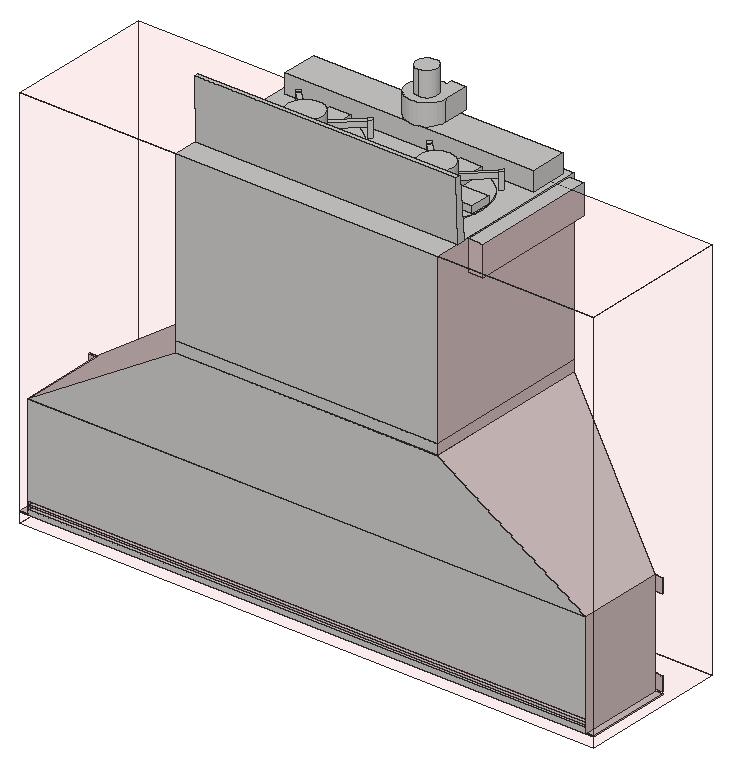
Revit family "Air-Curtain_Climate-Control_PoweredAire_TIG-1Heater", category Mechanical Equipment, host Face, Revit 2018
Family settings
  Host = Face
  Round Connector Dimension = Use Diameter
  Part Type = Normal
  OmniClass Number = 23.75.35.17.21
  OmniClass Title = Air Curtains
  Cut with Voids When Loaded = No
  Shared = No
  Room Calculation Point = No
Parameters (values of type "108'' Nozzle")
  upperrotation [instance] = 0.00°
  lowerrotation [instance] = 0.00°
  locateupperpipe [instance] = 0' - 0"
  locatelowerpipe [instance] = 0' - 0"
  Warranty Duration (Years) = 0
  Unit Width Notes = "Other Widths available."  # constant formula
  Unit Width = 9' - 3 5/32"
  Unit Weight = 640
  Unit Height = 1' - 4 3/4"
  Unit Depth = 1' - 8 1/4"
  URL = "http://www.poweredaire.com/"
  Test Data = ""
  Standards Conformance = "ETL  ;  Made in USA"
  Specification = "http://www.arcat.com/sdspecs/htm04/23_34_33pai.htm"
  SpecWizard = ""
  Sound Pressure = ">63 dBA"
  Sales Information = "http://www.poweredaire.com/contact_us"
  Revision = "R1_2016-08"
  Projection from Host [instance] = 0' - 2"
  Product Properties = ""
  Product Data = "http://www.arcat.com/arcatcos/cos47/arc47623.html"
  Power Rating = 0 W
  Piping_Water Flow [instance] = 0 GPM
  Piping_Operating Pressure [instance] = 0.00 psi
  Piping_Exit Temperature [instance] = 0 °F
  Piping_Entry Temperature [instance] = 0 °F
  Pipe OD [instance] = 5/8"
  Overall Depth = 6' - 0 3/4"
  Nozzle Width = if(1 = 1, Unit Width - 0' 3", 0' 0")  # 9' - 0 5/32"
  Mounting Width = if(1 = 1, Unit Width - 0' 1 1/2", 0' 0")  # 9' - 1 21/32"
  Mounting Height [instance] = 3' - 6"
  Motor RPM = 1630
  Motor HP = 0.75
  Motor Count = 3
  Model = "TIG-3-108"
  Max Height = 12' - 0"
  Manufacturer Website = "http://www.poweredaire.com/"
  Manufacturer Phone - Toll Free = "888-321-2473"
  Manufacturer Phone = "724-588-3305"
  Manufacturer Fax = "724-588-3371"
  Manufacturer Address = "109 Mortensen Rd.  Greenville, PA 16125"
  Manufacturer = "Powered Aire, Inc"
  Maintenance Schedule (Months) = 0
  Keynote = "23 34 33"
  Installation-Fabrication = ""
  Installation Phase = ""
  Include Clearance [instance] = yes
  Heating Element Load = 0 W
  Heater Weight = 0
  Heater Hanging Width = 4' - 0 5/8"
  Heater Finish [instance] = Metal - Steel - PoweredAire - Stainless 304
  HVAC_Temperature Rise = 34 °F
  HVAC_Primary CFM = 0 CFM
  HVAC_Outlet Volume = 7600 CFM
  HVAC_Outlet Velocity Uniformity = 0.92
  HVAC_Outlet Velocity = 3700 FPM
  HVAC_Exit Temperature [instance] = 0 °F
  HVAC_BTU Output = 280000.0 Btu/h
  HVAC_BTU Input = 105000.0 Btu/h
  Green Building-LEED = "http://www.arcat.com/green/clients/leed_data_47623.html"
  Gas Connection Diameter [instance] = 0"
  Frame Finish [instance] = Metal - Steel - PoweredAire - Stainless 304
  Expected Lifespan (Years) = 0
  Exhaust Connection Diameter = 0' - 6"
  Electrical_Wattage [instance] = Power Rating + Heating Element Load  # 0 W
  Electrical_Voltage [instance] = 0 V
  Electrical_Phase [instance] = 1
  Electrical_Frequency [instance] = 0 Hz
  Electrical_Amperage [instance] = 0 A
  Drawn By = "Sumex Design, Inc. / Robert S. Weygant, CSI, CDT, SCIP"
  Description = "Powered Aire Indirect Gas Heated Climate Control Air Curtain - TIG-3-108 as Specified"
  Default Elevation = 0' - 0"  # constant formula
  Copyright = "©Arcat Inc."
  Construction Details = "http://www.arcat.com/details/powair/prod3336.html"
  Clearance_Top [instance] = 1' - 0"
  Clearance_Side B [instance] = 0' - 0"
  Clearance_Side A [instance] = 0' - 0"
  Clearance_Intake [instance] = 0' - 0"
  Clearance_Bottom [instance] = 0' - 0"
  Clearance Material [instance] = ARCAT Clearance
  Building Codes = ""
  Available Options [instance] = "as Specified"
  Assembly Code = "D3090400"
Types (7): name | Unit Width | Unit Weight | Sound Pressure | Nozzle Width | Mounting Width | Motor Count | Model | Heater Hanging Width | HVAC_Temperature Rise | HVAC_Outlet Volume | HVAC_Outlet Velocity Uniformity | HVAC_Outlet Velocity | HVAC_BTU Output | HVAC_BTU Input | Exhaust Connection Diameter | Description
  108'' Nozzle | 9' - 3 5/32" | 640 | ">63 dBA" | 9' - 0 5/32" | 9' - 1 21/32" | 3 | "TIG-3-108" | 4' - 0 5/8" | 34 °F | 7600 CFM | 0.92 | 3700 FPM | 280000.0 Btu/h | 105000.0 Btu/h | 0' - 6" | "Powered Aire Indirect Gas Heated Climate Control Air Curtain - TIG-3-108 as Specified"
  96'' Nozzle | 8' - 3 1/16" | 570 | ">63 dBA" | 8' - 0 1/16" | 8' - 1 9/16" | 2 | "TIG-2-96" | 2' - 6 5/8" | 36 °F | 5100 CFM | 0.92 | 2800 FPM | 200000.0 Btu/h | 50000.0 Btu/h | 0' - 5" | "Powered Aire Indirect Gas Heated Climate Control Air Curtain - TIG-2-96 as Specified"
  84'' Nozzle | 7' - 3 1/16" | 530 | ">63 dBA" | 7' - 0 1/16" | 7' - 1 9/16" | 2 | "TIG-2-84" | 2' - 6 5/8" | 37 °F | 5100 CFM | 0.93 | 3200 FPM | 200000.0 Btu/h | 50000.0 Btu/h | 0' - 5" | "Powered Aire Indirect Gas Heated Climate Control Air Curtain - TIG-2-84 as Specified"
  72'' Nozzle | 6' - 3 1/16" | 500 | ">63 dBA" | 6' - 0 1/16" | 6' - 1 9/16" | 2 | "TIG-2-72" | 2' - 6 5/8" | 36 °F | 5100 CFM | 0.95 | 3700 FPM | 200000.0 Btu/h | 50000.0 Btu/h | 0' - 5" | "Powered Aire Indirect Gas Heated Climate Control Air Curtain - TIG-2-72 as Specified"
  60'' Nozzle | 5' - 3" | 340 | "63 dBA" | 5' - 0" | 5' - 1 1/2" | 1 | "TIG-1-60" | 1' - 6 5/8" | 44 °F | 2500 CFM | 0.91 | 2200 FPM | 120000.0 Btu/h | 150000.0 Btu/h | 0' - 5" | "Powered Aire Indirect Gas Heated Climate Control Air Curtain - TIG-1-60 as Specified"
  48'' Nozzle | 4' - 3" | 280 | "63 dBA" | 4' - 0" | 4' - 1 1/2" | 1 | "TIG-1-48" | 1' - 6 5/8" | 43 °F | 2600 CFM | 0.92 | 2800 FPM | 120000.0 Btu/h | 150000.0 Btu/h | 0' - 5" | "Powered Aire Indirect Gas Heated Climate Control Air Curtain - TIG-1-48 as Specified"
  36'' Nozzle | 3' - 3" | 250 | "63 dBA" | 3' - 0" | 3' - 1 1/2" | 1 | "TIG-1-36" | 1' - 6 5/8" | 44 °F | 2500 CFM | 0.95 | 3700 FPM | 120000.0 Btu/h | 150000.0 Btu/h | 0' - 5" | "Powered Aire Indirect Gas Heated Climate Control Air Curtain - TIG-1-36 as Specified"
Reference planes (in)
  plane 1 "Center (Elevation)": y = 0.13818
  plane 2: z = 0
  plane 3 "Center (Left/Right)": x = 0
  plane 4 "Top": y = 8.51318
  plane 5: y = -8.23682
  plane 6: x = -55.57812
  plane 7: x = 55.57813
  plane 8 "Front": z = 22.25
  plane 9 "FF": y = -41.86182
  plane 10: z = 2
  plane 11: x = 54.07813
  plane 12: x = -54.07812
  plane 13: y = 20.51318
  plane 14: y = -8.23682
  plane 15: x = -55.57812
  plane 16: x = 55.57813
  plane 17: z = 74.75
  plane 18: x = 54.01563
  plane 19: x = -54.01562
  plane 20: x = 54.07813
  plane 21: x = 54.07813
  plane 22: y = 6.01318
  plane 23: y = -5.73682
  plane 24: x = -24.3125
  plane 25: x = 24.3125
  plane 26: x = -25.375
  plane 27: x = 25.375
  plane 28: z = 74.75
  plane 29: z = 42.25
  plane 30: z = 40.25
Forms (in)
  Extrusion 1, solid, material "Metal - Steel - PoweredAire - Stainless 304" <- "Frame Finish"
    sketch origin (0, 0, 0) x (0, 1, 0) y (0, 0, 1)
      loop
        line (-8.23682, 2) -> (8.51318, 2) -> (8.51318, 22.25) -> (-8.23682, 22.25) -> (-8.23682, 2)
    from -54.07812 to 54.07812
  Extrusion 2, solid, material "ARCAT Clearance" <- "Clearance Material", visible <- "Include Clearance"
    sketch origin (0, 0, 0) x (0, 1, 0) y (0, 0, 1)
      loop
        line (-8.23682, 74.75) -> (-8.23682, 0) -> (20.51318, 0) -> (20.51318, 74.75) -> (-8.23682, 74.75)
    from -55.57812 to 55.57812
  Extrusion 3, solid, material "Metal - Steel - PoweredAire - Stainless 304" <- "Frame Finish"
    sketch origin (-15.17702, -180, 2) x (-1, 0, 0) y (0, -1, 0)
      loop
        line (-69.25515, -188.51318) -> (-69.25515, -171.76318) -> (-70.75515, -171.76318) -> (-70.75515, -188.51318) -> (-69.25515, -188.51318)
      loop
        line (38.9011, -188.51318) -> (40.4011, -188.51318) -> (40.4011, -171.76318) -> (38.9011, -171.76318) -> (38.9011, -188.51318)
    from 0 to 0.125
  Extrusion 4, solid, material "Metal - Steel - PoweredAire - Stainless 304" <- "Frame Finish"
    sketch origin (-11.83813, 8.51318, 48) x (-1, 0, 0) y (0, 0, 1)
      loop
        line (-65.91625, -45.5) -> (-65.91625, -42.75) -> (-67.41625, -42.75) -> (-67.41625, -45.5) -> (-65.91625, -45.5)
      loop
        line (-65.91625, -28.5) -> (-65.91625, -25.75) -> (-67.41625, -25.75) -> (-67.41625, -28.5) -> (-65.91625, -28.5)
      loop
        line (42.24, -45.5) -> (43.74, -45.5) -> (43.74, -42.75) -> (42.24, -42.75) -> (42.24, -45.5)
      loop
        line (42.24, -28.5) -> (43.74, -28.5) -> (43.74, -25.75) -> (42.24, -25.75) -> (42.24, -28.5)
    from 0 to -0.125
  Extrusion 5, void
    sketch origin (0, 0, 0) x (0, 1, 0) y (0, 0, 1)
      loop
        line (-8.23682, 3) -> (-7.23682, 3) -> (-7.23682, 4.5) -> (-8.23682, 4.5) -> (-8.23682, 3.82425) -> (-7.38364, 3.82425) -> (-7.38364, 3.57425) -> (-8.23682, 3.57425) -> (-8.23682, 3)
    from -54.01562 to 54.01562
  Blend 6, solid, material "Metal - Steel - PoweredAire - Stainless 304" <- "Frame Finish"
    base sketch origin (-15.17702, -180, 22.25) x (-1, 0, 0) y (0, -1, 0)
      loop
        line (38.9011, -188.51318) -> (38.9011, -171.76318) -> (-69.25515, -171.76318) -> (-69.25515, -188.51318) -> (38.9011, -188.51318)
    top sketch origin (-15.17702, -180, 22.25) x (-1, 0, 0) y (0, -1, 0)
      loop
        line (10.19798, -171.76318) -> (-40.55202, -171.76318) -> (-40.55202, -204.76318) -> (10.19798, -204.76318) -> (10.19798, -171.76318)
    from 0 to 18
Cuts and joins
  Extrusion 5 cuts Extrusion 1
Dimensions and locks (in)
  equal spacing: plane 4 "Top", plane 1 "Center (Elevation)", plane 5
  "Unit Height": plane 4 "Top" to plane 5
  equal spacing: plane 6, plane 3 "Center (Left/Right)", plane 7
  "Unit Width": plane 6 to plane 7
  "Mounting Height": plane 1 "Center (Elevation)" to plane 9 "FF"
  "Projection from Host": plane 10 to level
  "Unit Depth": plane 8 "Front" to plane 10
  locked: plane 6 to plane 12 at 1.5
  locked: plane 11 to plane 7 at 1.5
  "Clearance_Side A": plane 7 to plane 16
  "Clearance_Side B": plane 15 to plane 6
  "Clearance_Top": plane 13 to plane 4 "Top"
  "Clearance_Bottom": plane 5 to plane 14
  "Clearance_Intake": plane 17 to plane 28
  Extrusion 5 sketch curve to Extrusion 5 sketch curve to Extrusion 5 sketch curve to Extrusion 5 sketch curve to plane 10 = 0' - 0.67575" locked, 0' - 0 1/4" locked, 0' - 0.57425" locked, 0' - 1" locked
  plane 5 to Extrusion 5 sketch curve to Extrusion 5 sketch curve = 0' - 0.85319" locked, 0' - 0.14681" locked
  locked: plane 19 to plane 12 at 0.0625
  locked: plane 11 to plane 18 at 0.0625
  "locateupperpipe": plane 20 to plane 11
  "locatelowerpipe": plane 21 to plane 11
  locked: plane 4 "Top" to plane 22 at 2.5
  locked: plane 23 to plane 5 at 2.5
  equal spacing: plane 24, plane 3 "Center (Left/Right)", plane 25
  "Heater Hanging Width": plane 24 to plane 25
  locked: plane 25 to plane 27 at 1.0625
  locked: plane 26 to plane 24 at 1.0625
  "Overall Depth": plane 28 to plane 10
  locked: plane 29 to plane 30 at 2
  locked: plane 28 to plane 29 at 32.5
  locked: Blend 6 sketch curve to plane 5 at 33
  Extrusion 4 sketch curve to Extrusion 4 sketch curve to plane 10 = 0' - 2 3/4" locked, 0' - 0 1/2" locked  (x2)
  plane 8 "Front" to Extrusion 4 sketch curve to Extrusion 4 sketch curve = 0' - 0" locked, 0' - 2 3/4" locked  (x2)
  aligned and locked: plane 2 to host face
  aligned and locked: level to host face
  aligned and locked: Extrusion 2 sketch curve to plane 17
  aligned and locked: plane 14 to Extrusion 2 sketch curve
  aligned and locked: level to Extrusion 2 sketch curve
  aligned and locked: Extrusion 2 sketch curve to plane 13
  aligned and locked: plane 16 to Extrusion 2
  aligned and locked: Extrusion 2 to plane 15
  aligned and locked: plane 11 to Extrusion 1
  aligned and locked: Extrusion 1 to plane 12
  aligned and locked: Extrusion 1 sketch curve to plane 8 "Front"
  aligned and locked: plane 28 to nested 1
  aligned and locked: Blend 6 sketch curve to plane 5  (x2)
  aligned and locked: plane 12 to Blend 6 sketch curve
  aligned and locked: Blend 6 sketch curve to plane 11
  aligned and locked: Blend 6 sketch curve to plane 4 "Top"
  aligned and locked: Blend 6 sketch curve to plane 26
  aligned and locked: plane 27 to Blend 6 sketch curve
  aligned and locked: plane 30 to Blend 6
  aligned and locked: plane 3 "Center (Left/Right)" to nested 1
  aligned and locked: plane 18 to cut or joined group of Extrusion 1, Extrusion 5
  aligned and locked: cut or joined group of Extrusion 1, Extrusion 5 to plane 19
Automatic sketch dimensions
  host sketch curve to host sketch curve = 8' - 0"  (x2)
  plane 4 "Top" to Extrusion 3 sketch curve = 0' - 0"
  Extrusion 3 sketch curve to plane 7 = 0' - 0"
  plane 5 to Extrusion 3 sketch curve = 0' - 0"
  Extrusion 3 sketch curve to plane 11 = 0' - 0"
  Extrusion 3 sketch curve to plane 4 "Top" = 0' - 0"
  Extrusion 3 sketch curve to plane 12 = 0' - 0"
  Extrusion 3 sketch curve to plane 6 = 0' - 0"
  Extrusion 3 sketch curve to plane 5 = 0' - 0"
  Extrusion 4 sketch curve to plane 7 = 0' - 0"  (x2)
  Extrusion 4 sketch curve to plane 11 = 0' - 0"  (x2)
  Extrusion 4 sketch curve to plane 12 = 0' - 0"  (x2)
  Extrusion 4 sketch curve to plane 6 = 0' - 0"  (x2)
  Extrusion 5 sketch curve to plane 5 = 0' - 0"  (x2)
  Extrusion 1 sketch curve to plane 5 = 0' - 0"
  Extrusion 1 sketch curve to plane 4 "Top" = 0' - 0"
  Extrusion 1 sketch curve to plane 10 = 0' - 0"
Nested families (in)
  nested 1: "Heater" at (0, -8.23682, 42.2987) x (1, 0, 0) z (0, 1, 0), finish <- "Heater Finish", burner width <- "Heater Hanging Width", type "Heater"
    with finish Metal - Steel - PoweredAire - Stainless 304, burner width 4' - 0 5/8", Two Fan yes, One Fan no
Connectors (in)
  electrical at (-54.07812, 0.13818, 12.125), driven by "Electrical_Voltage", driven by "Electrical_Phase"
    settings: on cut or joined group of Extrusion 1, Extrusion 5, index 3, voltage 0 V, apparent load 0 VA, apparent load phase1 0 VA, apparent load phase2 0 VA, apparent load phase3 0 VA, power factor 1, load classification "Motor", number of poles 1, system type 31, power factor state 1, is connector primary yes, connector utility no, sub classification motor no, connector description ""
  hvac at (3, 24.76318, 80.40625), driven by "Exhaust Connection Diameter", driven by "HVAC_Primary CFM"
    settings: on nested 1, index 4, duct flow 0 CFM, flow factor 0, pres drop 0.00 in-wg, loss coef 0, conn angle 0.00°, conn width 12", conn height 12", conn diameter 6", duct sys type 3, conn prof type 0, flow config 0, flow direction 2, loss method 0, conn ref index -1, conn util no, is conn primary yes, conn desc ""
Definition of nested family "Heater"
  Parameters
    finish [instance] = none
    burner width [instance] = 4' - 0 5/8"
    burner depth = 3' - 8 3/4"
    Two Fan [instance] = burner width > 4' 0"  # yes
    One Fan [instance] = burner width < 4' 0"  # no
    Default Elevation = 0' - 0"  # constant formula
  Reference planes (in)
    plane 1 "Center (Front/Back)": y = 0
    plane 2: z = 0
    plane 3 "Center (Left/Right)": x = 0
    plane 4: x = -25.375
    plane 5: x = 25.375
    plane 6: z = 33
    plane 7: y = -44.75
    plane 8: x = 3
    plane 9: x = 4.375
    plane 10: x = -12.6875
    plane 11: x = 12.6875
    plane 12: z = 15.5
    plane 13: x = -24.3125
    plane 14: x = 24.3125
  Forms (in)
    Extrusion 1, solid, material <- "finish"
      sketch origin (-74.94554, -3, 38.65968) x (0, 0, 1) y (1, 0, 0)
        loop
          line (-5.65968, 49.57054) -> (-5.65968, 100.32054) -> (-38.65968, 100.32054) -> (-38.65968, 49.57054) -> (-5.65968, 49.57054)
      from 3 to -29.4513
    Extrusion 2, solid, material <- "finish"
      sketch origin (0, 0, 0) x (0, 1, 0) y (0, 0, 1)
        loop
          line (2, 0) -> (2, 33) -> (0, 33) -> (0, 0) -> (2, 0)
      from -25.375 to 25.375
    Extrusion 3, solid, material <- "finish"
      sketch origin (-74.94554, -32.4513, 38.65968) x (0, 0, 1) y (1, 0, 0)
        loop
          line (-6.91591, 50.82971) -> (-6.91591, 99.10844) -> (-13.91591, 99.10844) -> (-13.91591, 50.82971) -> (-6.91591, 50.82971)
      from 0 to -3.625
    Extrusion 4, solid, material <- "finish"
      sketch origin (-74.94554, -36.0763, 38.65968) x (0, 0, 1) y (1, 0, 0)
        loop
          arc (-10.4052, 79.32054) -> (-12.67312, 72.60509) -> (-6.79809, 76.57054) r 3.74068
          line (-6.79809, 76.57054) -> (-5.65968, 76.57054) -> (-5.65968, 79.32054) -> (-10.4052, 79.32054)
      from 0 to -4.0625
    Extrusion 5, solid, material <- "finish"
      sketch origin (-73.58006, -40.1388, 35.52564) x (0, 0, -1) y (1, 0, 0)
        loop
          circle (7.27116, 74.21438) r 2
      from 4.6112 to 0
    Extrusion 6, solid, material <- "finish"
      sketch origin (0, 0, 0) x (1, 0, 0) y (0, 1, 0)
        loop
          line (28.3125, -32.4513) -> (28.3125, -26.7013) -> (25.3125, -26.7013) -> (25.3125, -32.4513) -> (28.3125, -32.4513)
      from 7.25 to 31.75
    Extrusion 7, solid, material <- "finish", visible <- "Two Fan"
      sketch origin (0, 0, 0) x (0, 1, 0) y (0, 0, 1)
        loop
          line (-32.4513, 6.22268) -> (-44.15658, 5.1986) -> (-44.15658, 4.4486) -> (-32.4513, 4.85736) -> (-32.4513, 6.22268)
      from -25.375 to 25.375
  Dimensions and locks (in)
    locked: Extrusion 4 sketch curve to Extrusion 4 sketch curve at 2.75
    "burner width": plane 13 to plane 14
    locked: plane 6 to level at 33
    "burner depth": plane 7 to plane 1 "Center (Front/Back)"
    locked: plane 8 to plane 9 at 1.375
    Extrusion 4 sketch curve to Extrusion 4 sketch curve to plane 8 = 0' - 0.99068" locked, 0' - 1 3/8" locked
    locked: Extrusion 5 sketch curve to plane 8 at 2.36568
    locked: plane 8 to plane 3 "Center (Left/Right)" at 3
    Extrusion 6 sketch curve to plane 5 to Extrusion 6 sketch curve = 0' - 0 1/16" locked, 0' - 2 15/16" locked
    equal spacing: plane 5, plane 11, plane 3 "Center (Left/Right)", plane 10, plane 4
    locked: plane 4 to plane 13 at 1.0625
    locked: plane 14 to plane 5 at 1.0625
    aligned and locked: plane 2 to level
    aligned: Extrusion 4 to Extrusion 5
    aligned: Extrusion 3 to Extrusion 2  (x2)
    aligned and locked: plane 7 to Extrusion 5
    aligned and locked: plane 4 to Extrusion 1 sketch curve
    aligned and locked: Extrusion 1 sketch curve to plane 5
    aligned and locked: Extrusion 7 to plane 4
    aligned and locked: plane 5 to Extrusion 7
    aligned and locked: plane 12 to nested 1
    aligned and locked: plane 3 "Center (Left/Right)" to nested 1
    aligned and locked: plane 12 to nested 3
    aligned and locked: plane 11 to nested 3
    aligned and locked: plane 10 to nested 2
    aligned and locked: plane 12 to nested 2
    aligned and locked: plane 5 to Extrusion 2
    aligned and locked: Extrusion 2 to plane 4
  Automatic sketch dimensions
    Extrusion 1 to Extrusion 3 sketch curve = 0' - 1.25917"
    Extrusion 1 to Extrusion 3 sketch curve = 0' - 8.25624"
    Extrusion 1 to Extrusion 3 sketch curve = 0' - 1.2121"
    Extrusion 1 to Extrusion 3 sketch curve = 0' - 1.25624"
    Extrusion 4 sketch curve to Extrusion 3 = 0' - 0.11782"
    Extrusion 4 sketch curve to Extrusion 3 = 0' - 1.25624"
    Extrusion 5 sketch curve to Extrusion 4 = 0' - 4.74552"
    Extrusion 1 sketch curve to level = 0' - 0"
    Extrusion 1 sketch curve to plane 6 = 0' - 0"
    Extrusion 2 sketch curve to level = 0' - 0"
    Extrusion 2 sketch curve to plane 1 "Center (Front/Back)" = 0' - 0"
    Extrusion 2 sketch curve to plane 6 = 0' - 0"
    Extrusion 2 sketch curve to Extrusion 2 sketch curve = 0' - 2"
    Extrusion 6 sketch curve to plane 7 = 1' - 0.2987"
    Extrusion 6 sketch curve to Extrusion 6 sketch curve = 0' - 5 3/4"
    Extrusion 7 sketch curve to plane 7 = 0' - 0.59342"
    level to Extrusion 7 sketch curve = 0' - 4.4486"
    Extrusion 7 sketch curve to Extrusion 7 sketch curve = 0' - 0 3/4"
    level to Extrusion 7 sketch curve = 0' - 4.85736"
    Extrusion 7 sketch curve to Extrusion 7 sketch curve = 0' - 11.70529"
    Extrusion 7 sketch curve to Extrusion 7 sketch curve = 0' - 1.36532"
    radius of Extrusion 5 sketch curve = 0' - 2"
  Nested families (in)
    nested 1: "FanControls" at (0, -32.4513, 15.5) x (1, 0, 0) z (0, -1, 0), finish <- "finish", visible <- "One Fan", type "FanControls"
      with finish none
    nested 2: "FanControls" at (-12.6875, -32.4513, 15.5) x (1, 0, 0) z (0, -1, 0), finish <- "finish", visible <- "Two Fan", type "FanControls"
      with finish none
    nested 3: "FanControls" at (12.6875, -32.4513, 15.5) x (1, 0, 0) z (0, -1, 0), finish <- "finish", visible <- "Two Fan", type "FanControls"
      with finish none
  Definition of nested family "FanControls"
    Parameters
      finish [instance] = none
      Default Elevation = 4' - 0"
    Reference planes (in)
      plane 1 "Center (Front/Back)": y = 0
      plane 2: z = 0
      plane 3 "Center (Left/Right)": x = 0
    Forms (in)
      Extrusion 1, solid, material <- "finish"
        sketch origin (-75.00804, 32.07233, 0) x (1, 0, 0) y (0, -1, 0)
          loop
            circle (75.00804, 32.07233) r 3.25
        from -5.33075 to 0
      Extrusion 2, solid, material <- "finish"
        sketch origin (24.44581, -78.06044, 0) x (1, 0, 0) y (0, -1, 0)
          loop
            line (-22.50831, -86.58776) -> (-22.50831, -81.58776) -> (-26.50831, -81.58776) -> (-26.50831, -86.58776) -> (-22.50831, -86.58776)
          loop
            line (-22.50831, -69.53312) -> (-26.50831, -69.53312) -> (-26.50831, -74.53312) -> (-22.50831, -74.53312) -> (-22.50831, -69.53312)
          loop
            line (-15.98099, -76.06044) -> (-20.98099, -76.06044) -> (-20.98099, -80.06044) -> (-15.98099, -80.06044) -> (-15.98099, -76.06044)
          loop
            line (-33.03563, -76.06044) -> (-33.03563, -80.06044) -> (-28.03563, -80.06044) -> (-28.03563, -76.06044) -> (-33.03563, -76.06044)
        from 0 to -1.37288
      Extrusion 3, solid, material <- "finish"
        sketch origin (-75.00804, 21.40968, 0) x (1, 0, 0) y (0, -1, 0)
          loop
            line (68.02536, 14.95733) -> (68.55569, 14.427) -> (75.00804, 20.87935) -> (81.46039, 14.427) -> (81.99072, 14.95733) -> (75.53837, 21.40968) -> (81.99072, 27.86203) -> (81.46039, 28.39236) -> (75.00804, 21.94001) -> (68.55569, 28.39236) -> (68.02536, 27.86203) -> (74.47771, 21.40968) -> (68.02536, 14.95733)
        from -3.1123 to -2
      Extrusion 4, solid, material <- "finish"
        sketch origin (-75.00804, 21.40968, 0) x (1, 0, 0) y (0, -1, 0)
          loop
            line (68.02536, 13.89667) -> (68.55569, 14.427) -> (68.02536, 14.95733) -> (67.49503, 14.427) -> (68.02536, 13.89667)
          loop
            line (82.52105, 14.427) -> (81.99072, 14.95733) -> (81.46039, 14.427) -> (81.99072, 13.89667) -> (82.52105, 14.427)
          loop
            line (81.99072, 28.92269) -> (81.46039, 28.39236) -> (81.99072, 27.86203) -> (82.52105, 28.39236) -> (81.99072, 28.92269)
          loop
            line (67.49503, 28.39236) -> (68.02536, 27.86203) -> (68.55569, 28.39236) -> (68.02536, 28.92269) -> (67.49503, 28.39236)
        from 0 to -3.1123
      Extrusion 5, solid, material <- "finish"
        sketch origin (0, 0, 0) x (1, 0, 0) y (0, 1, 0)
          loop
            circle (0, 0) r 9
        from 0 to 0.14961
    Dimensions and locks (in)
      Extrusion 4 sketch curve to Extrusion 4 sketch curve to Extrusion 4 sketch curve to Extrusion 4 sketch curve = 0' - 0.53033" locked, 0' - 0" locked, 0' - 0.53033" locked  (x4)
      Extrusion 3 sketch curve to Extrusion 3 sketch curve to Extrusion 3 sketch curve to Extrusion 3 sketch curve to Extrusion 3 sketch curve = 0' - 5.92202" locked, 0' - 0" locked, 0' - 0.53033" locked, 0' - 0" locked
      Extrusion 3 sketch curve to Extrusion 3 sketch curve to Extrusion 3 sketch curve to Extrusion 3 sketch curve to Extrusion 3 sketch curve = 0' - 0" locked, 0' - 0.53033" locked, 0' - 0" locked, 0' - 5.92202" locked
      locked: Extrusion 2 sketch curve to Extrusion 2 sketch curve at 5  (x2)
      aligned and locked: plane 2 to level
